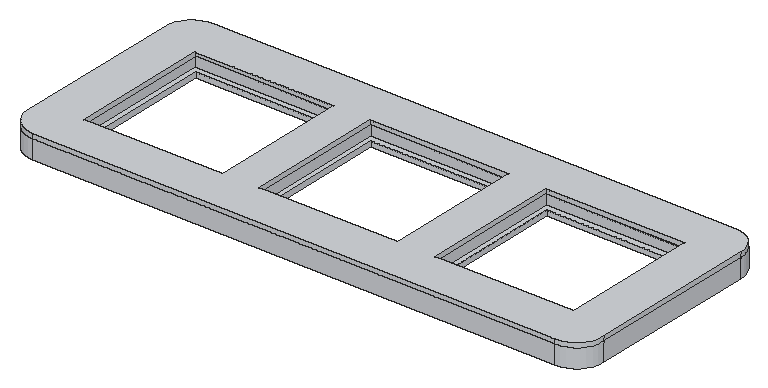
Revit family "Gira_0213412", category Electrical Fixtures, host Face, Revit 2017
Family settings
  Host = Face
  Maintain Annotation Orientation = No
  Round Connector Dimension = Use Diameter
  Part Type = Normal
  Cut with Voids When Loaded = No
  Shared = No
  Room Calculation Point = No
Parameters (values of type "Abdeckrahmen 3f Gira E3 Grau/Reinweiß")
  Werkstoffgüte = "sonstige"
  Werkstoff = "sonstige"
  URL = "http://katalog.gira.de/de_DE/datenblatt.html?artikelnr=0213412"
  Transparent = "No"
  Textfeld/Beschriftungsfläche = "No"
  Schutzart (IP) = "IP20"
  Region = "DE"
  Oberfläche = "sonstige"
  Name = "Abdeckrahmen 3f Gira E3 Grau/Reinweiß"
  Montagerichtung = "horizontal und vertikal"
  Mit Montagerahmen = "No"
  Mit Klappdeckel = "No"
  Manufacturer URL = "https://www.gira.de/"
  Keynote = "E3_Rahmen_3fach"
  HeinzeBIM = "https://bimportal.heinze.de/bim/abdeckrahmen-3f-gira-e3-grau-reinweiss/f010d84424e92e480021991bc9efc5149b19bd9f"
  Halogenfrei = "No"
  HAN = "0213412"
  Geeignet für Unterputz-Installation = "Yes"
  Geeignet für Unterflurkanaldose = "No"
  Geeignet für Geräteeinbaukanal = "No"
  Geeignet für Einbauinstallation = "No"
  GTIN = "4010337023913"
  Farbe = "grau"
  Default Elevation = 1219.2 mm
  Data sheet (1) = "https://katalog.gira.de/de_DE/download.html?artikelnr=0213412"
  Category = "Abdeckrahmen"
  Befestigungsart = "Klemmbefestigung"
  Available = "Yes"
  Anzahl der Einheiten vertikal = "3 "
  Anzahl der Einheiten horizontal = "3 "
  Anzahl der Einheiten = "3 "
Reference planes
  plane 1 "Center (Front/Back)": y = 0
  plane 2: z = 0
  plane 3 "Center (Left/Right)": x = 0
Forms (mm)
  Extrusion 1, solid, detail levels fine
    sketch origin (0, 0, 0) x (1, 0, 0) y (0, 1, 0)
      loop
        arc (-106.1, 45.809) -> (-113.884, 42.585) -> (-117.109, 34.8) r 11.009
        line (-117.109, 34.8) -> (-117.109, -34.8)
        arc (-117.109, -34.8) -> (-113.884, -42.585) -> (-106.1, -45.809) r 11.009
        line (-106.1, -45.809) -> (106.1, -45.809)
        arc (106.1, -45.809) -> (113.884, -42.585) -> (117.109, -34.8) r 11.009
        line (117.109, -34.8) -> (117.109, 34.8)
        arc (117.109, 34.8) -> (113.884, 42.585) -> (106.1, 45.809) r 11.009
        line (106.1, 45.809) -> (-106.1, 45.809)
      loop
        line (-43.2, 28.187) -> (-99.456, 28.187) -> (-99.456, -28.187) -> (-43.2, -28.187) -> (-43.2, 28.187)
      loop
        line (-28.3, 28.187) -> (-28.3, -28.187) -> (27.956, -28.187) -> (27.956, 28.187) -> (-28.3, 28.187)
      loop
        line (43.2, 28.187) -> (43.2, -28.187) -> (99.456, -28.187) -> (99.456, 28.187) -> (43.2, 28.187)
    from 7.65 to 9.5
  Extrusion 2, solid, detail levels fine
    sketch origin (-71.5, 0, 0) x (1, 0, 0) y (0, 1, 0)
      loop
        line (26.1, 25.7) -> (-25.7, 25.7) -> (-25.7, -25.7) -> (26.1, -25.7) -> (26.1, 25.7)
      loop
        line (-28.187, -28.156) -> (28.187, -28.156) -> (28.187, 28.156) -> (-28.187, 28.156) -> (-28.187, -28.156)
    from 1.65 to 3.9
  Extrusion 3, solid, detail levels fine
    sketch origin (0, 0, 0) x (1, 0, 0) y (0, 1, 0)
      loop
        arc (-106.1, 45.809) -> (-113.884, 42.585) -> (-117.109, 34.8) r 11.009
        line (-117.109, 34.8) -> (-117.109, -34.8)
        arc (-117.109, -34.8) -> (-113.884, -42.585) -> (-106.1, -45.809) r 11.009
        line (-106.1, -45.809) -> (106.1, -45.809)
        arc (106.1, -45.809) -> (113.884, -42.585) -> (117.109, -34.8) r 11.009
        line (117.109, -34.8) -> (117.109, 34.8)
        arc (117.109, 34.8) -> (113.884, 42.585) -> (106.1, 45.809) r 11.009
        line (106.1, 45.809) -> (-106.1, 45.809)
      loop
        line (-115.143, 34.785) -> (-115.143, -34.785)
        arc (-115.143, -34.785) -> (-112.49, -41.19) -> (-106.084, -43.843) r 9.058
        line (-106.084, -43.843) -> (106.084, -43.843)
        arc (106.084, -43.843) -> (112.49, -41.19) -> (115.143, -34.785) r 9.058
        line (115.143, -34.785) -> (115.143, 34.785)
        arc (115.143, 34.785) -> (112.49, 41.19) -> (106.084, 43.843) r 9.058
        line (106.084, 43.843) -> (-106.084, 43.843)
        arc (-106.084, 43.843) -> (-112.49, 41.19) -> (-115.143, 34.785) r 9.058
    from 0 to 7.65
  Extrusion 4, solid, detail levels fine
    sketch origin (-35.75, 0, 0) x (1, 0, 0) y (0, 1, 0)
      loop
        line (-62.956, -31.075) -> (62.956, -31.075)
        arc (62.956, -31.075) -> (65.599, -29.98) -> (66.694, -27.337) r 3.739
        line (66.694, -27.337) -> (66.694, 27.337)
        arc (66.694, 27.337) -> (65.599, 29.98) -> (62.956, 31.075) r 3.739
        line (62.956, 31.075) -> (-62.956, 31.075)
        arc (-62.956, 31.075) -> (-65.599, 29.98) -> (-66.694, 27.337) r 3.739
        line (-66.694, 27.337) -> (-66.694, -27.337)
        arc (-66.694, -27.337) -> (-65.599, -29.98) -> (-62.956, -31.075) r 3.739
      loop
        line (-65.544, 27.537) -> (-65.544, -27.537)
        arc (-65.544, -27.537) -> (-64.845, -29.226) -> (-63.156, -29.925) r 2.389
        line (-63.156, -29.925) -> (63.156, -29.925)
        arc (63.156, -29.925) -> (64.845, -29.226) -> (65.544, -27.537) r 2.389
        line (65.544, -27.537) -> (65.544, 27.537)
        arc (65.544, 27.537) -> (64.845, 29.226) -> (63.156, 29.925) r 2.389
        line (63.156, 29.925) -> (-63.156, 29.925)
        arc (-63.156, 29.925) -> (-64.845, 29.226) -> (-65.544, 27.537) r 2.389
    from 1.65 to 7.65
  Extrusion 5, solid, detail levels fine
    sketch origin (0, 0, 0) x (1, 0, 0) y (0, 1, 0)
      loop
        line (-103.367, -39.8) -> (103.368, -39.8)
        arc (103.368, -39.8) -> (108.982, -36.708) -> (111.215, -30.7) r 9.2
        line (111.215, -30.7) -> (111.215, 30.7)
        arc (111.215, 30.7) -> (108.52, 37.205) -> (102.015, 39.9) r 9.2
        line (102.015, 39.9) -> (-102.014, 39.9)
        arc (-102.014, 39.9) -> (-108.52, 37.205) -> (-111.214, 30.7) r 9.2
        line (-111.214, 30.7) -> (-111.214, -30.7)
        arc (-111.214, -30.7) -> (-108.982, -36.708) -> (-103.367, -39.8) r 9.2
      loop
        line (-102.014, -31.7) -> (102.015, -31.7)
        arc (102.015, -31.7) -> (102.722, -31.407) -> (103.015, -30.7) r 1
        line (103.015, -30.7) -> (103.015, 30.7)
        arc (103.015, 30.7) -> (102.722, 31.407) -> (102.015, 31.7) r 1
        line (102.015, 31.7) -> (-102.014, 31.7)
        arc (-102.014, 31.7) -> (-102.721, 31.407) -> (-103.014, 30.7) r 1
        line (-103.014, 30.7) -> (-103.014, -30.7)
        arc (-103.014, -30.7) -> (-102.721, -31.407) -> (-102.014, -31.7) r 1
    from 1.65 to 3.9
  Extrusion 6, solid, detail levels fine
    sketch origin (-71.5, 0, 0) x (1, 0, 0) y (0, 1, 0)
      loop
        line (-28.187, 28.156) -> (-28.187, -28.156) -> (28.187, -28.156) -> (28.187, 28.156) -> (-28.187, 28.156)
      loop
        line (-29.925, 29.925) -> (-29.925, -29.925) -> (29.925, -29.925) -> (29.925, 29.925) -> (-29.925, 29.925)
    from 1.65 to 7.65
  Extrusion 7, solid, detail levels coarse+medium
    sketch origin (0, 0, 0) x (1, 0, 0) y (0, 1, 0)
      loop
        line (-117.109, 45.809) -> (-117.109, -45.809) -> (117.109, -45.809) -> (117.109, 45.809) -> (-117.109, 45.809)
    from 0 to 9.5
  Extrusion 8, solid, detail levels fine
    sketch origin (0, 0, 0) x (-1, 0, 0) y (0, -1, 0)
      loop
        line (25.9, -25.7) -> (25.9, 25.7) -> (-25.9, 25.7) -> (-25.9, -25.7) -> (25.9, -25.7)
      loop
        line (-28.187, 28.156) -> (-28.187, -28.156) -> (28.187, -28.156) -> (28.187, 28.156) -> (-28.187, 28.156)
    from 1.65 to 3.9
  Extrusion 9, solid, detail levels fine
    sketch origin (0, 0, 0) x (-1, 0, 0) y (0, -1, 0)
      loop
        line (-28.187, -28.156) -> (28.187, -28.156) -> (28.187, 28.156) -> (-28.187, 28.156) -> (-28.187, -28.156)
      loop
        line (-29.925, -29.925) -> (29.925, -29.925) -> (29.925, 29.925) -> (-29.925, 29.925) -> (-29.925, -29.925)
    from 1.65 to 7.65
  Extrusion 10, solid, detail levels fine
    sketch origin (71.5, 0, 0) x (-1, 0, 0) y (0, -1, 0)
      loop
        line (26.1, -25.7) -> (26.1, 25.7) -> (-25.7, 25.7) -> (-25.7, -25.7) -> (26.1, -25.7)
      loop
        line (-28.187, 28.156) -> (-28.187, -28.156) -> (28.187, -28.156) -> (28.187, 28.156) -> (-28.187, 28.156)
    from 1.65 to 3.9
  Extrusion 11, solid, detail levels fine
    sketch origin (71.5, 0, 0) x (-1, 0, 0) y (0, -1, 0)
      loop
        line (-28.187, -28.156) -> (28.187, -28.156) -> (28.187, 28.156) -> (-28.187, 28.156) -> (-28.187, -28.156)
      loop
        line (-29.925, -29.925) -> (29.925, -29.925) -> (29.925, 29.925) -> (-29.925, 29.925) -> (-29.925, -29.925)
    from 1.65 to 7.65
Dimensions and locks
  aligned and locked: plane 2 to host face
  aligned and locked: level to host face
